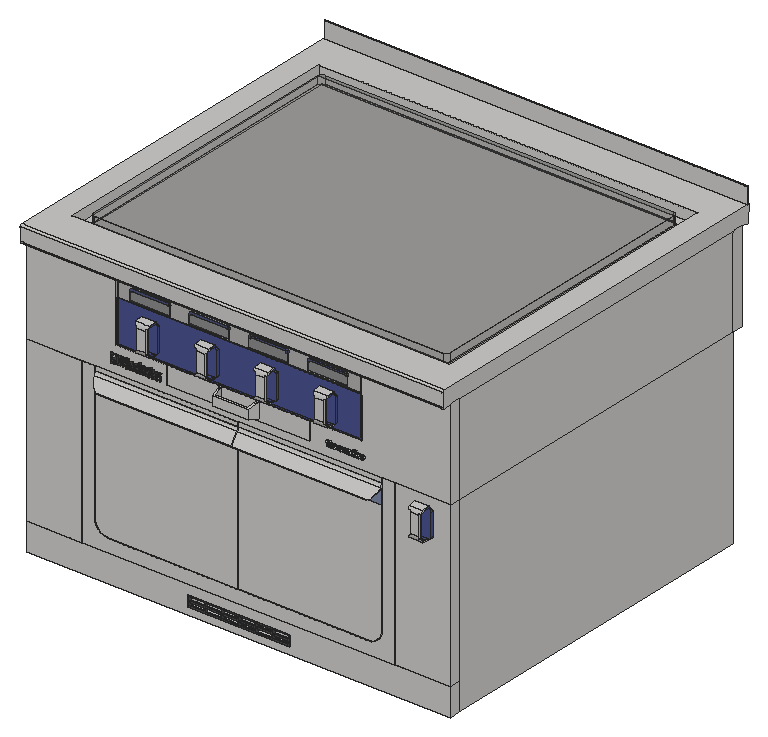
Revit family "QF_ELECTROLUXPROFESSIONAL_589696_MCLPEBJ4AO", category Attrezzature speciali, Revit 2020
Family settings
  Quota connettore circolare = Usa diametro
  Tipo di parte = Normale
  Basato su piano di lavoro = No
  Sempre verticale = Sì
  Taglio con vuoti quando caricato = No
  Condiviso = No
  Punto di calcolo locali = No
Parameters (values of type "Standard")
  Weight = 193.00 kg
  Watts = 18300 W
  Volts = 400 V
  URL Manufacturer = "https://www.electroluxprofessional.com/"
  URL = "https://www.electroluxprofessional.com/"
  Steam Supply Size = 0"
  Steam Supply Minimum Pressure = 0.00 psi
  Steam Supply Maximum Pressure = 0.00 psi
  Steam Consumption per Hour = 0
  Refrigeration Suction Line Size = 0 mm
  Refrigeration Liquid Line Size = 0 mm
  Refrigerant Compressor Remote = yes
  Prospetto di default = 0 mm
  Phase = 3
  Modello = "MCLPEBJ4AO"
  Produttore = "Electrolux Professional"
  Length Actual = 1000 mm  # constant formula
  Item Number = "589696"
  Hot Water Size = 0"
  Height Actual = 700 mm  # constant formula
  HP = "24.5 HP"
  Gas Size = 0"
  Gas KW = 0
  Gas Input Pressure = 0.0 Btu/h
  Direct Waste Size = 0"
  Descrizione = "EL.SOLID TOP,WARM.CAB.1S,BS,1000X900X7"
  Depth Actual = 900 mm  # constant formula
  Cycle = 50 Hz
  Condensate Return Size = 0"
  Compressed Air Volume = 0 GPM
  Compressed Air Size = 0"
  Compressed Air Pressure = 0.00 psi
  Cold Water Size = 0"
  Accessory = yes
Reference planes
  plane 1 "BACK": y = 0
  plane 2: z = 0
  plane 3 "LEFT": x = -100
  plane 4 "RIGHT": x = 900
  plane 5 "FRONT": y = -900
  plane 6 "TOP": z = 900
  plane 7 "Center (Left/Right)": x = 400
  plane 8: y = -450
  plane 9: z = 200
  plane 10: y = -150
  plane 11 "Panel": y = -855
  plane 12: z = 798
  plane 13: z = 1327
  plane 14: x = -22
  plane 15: x = 822
  plane 16: y = -150
  plane 17: y = -650
  plane 18 "EIx": x = 855
  plane 19 "EIy": y = -685
  plane 20: y = -880
  plane 21: z = 938
Forms (mm)
  Extrusion 1, solid, material "QF_Finishes_Stainless Steel"
    sketch origin (-178.969, -4572, 200) x (-1, 0, 0) y (0, -1, 0)
      loop
        line (-78.969, -4527) -> (-78.969, -3717) -> (-1078.969, -3717) -> (-1078.969, -4527) -> (-78.969, -4527)
    from 450 to 663
  Extrusion 2, solid, material "QF_Finishes_Stainless Steel"
    sketch origin (-100, 0, 0) x (0, 1, 0) y (0, 0, 1)
      loop
        line (-855, 200) -> (-855, 265) -> (-880, 265) -> (-880, 200) -> (-855, 200)
    from 0 to 1000
  Extrusion 3, solid, material "QF_Finishes_Stainless Steel"
    sketch origin (-488.969, -4662, 200) x (-1, 0, 0) y (0, -1, 0)
      loop
        circle (-1343.969, -3977) r 6.35
    from 0 to -11.851
  Extrusion 4, solid, material "QF_Finishes_Stainless Steel"
    sketch origin (400, 296.4, 1219.2) x (0, 1, 0) y (0, 0, 1)
      loop
        line (-296.4, -319.2) -> (-1191.4, -319.2)
        arc (-1191.4, -319.2) -> (-1194.935, -320.664) -> (-1196.4, -324.2) r 5
        line (-1196.4, -324.2) -> (-1196.4, -355.2)
        arc (-1196.4, -355.2) -> (-1194.971, -358.264) -> (-1191.705, -359.139) r 4
        line (-1191.705, -359.139) -> (-1176.4, -356.231) -> (-316.4, -356.231) -> (-301.094, -359.139)
        arc (-301.094, -359.139) -> (-297.829, -358.264) -> (-296.4, -355.2) r 4
        line (-296.4, -355.2) -> (-296.4, -319.2)
    from -500 to 500
  Extrusion 5, solid, material "QF_Finishes_Electrolux_Black Smoke Iluminated"
    sketch origin (0, 0, 900) x (-1, 0, 0) y (0, -1, 0)
      loop
        arc (12, 109) -> (19.071, 111.929) -> (22, 119) r 10
        line (22, 119) -> (22, 780)
        arc (22, 780) -> (19.071, 787.071) -> (12, 790) r 10
        line (12, 790) -> (-812, 790)
        arc (-812, 790) -> (-819.071, 787.071) -> (-822, 780) r 10
        line (-822, 780) -> (-822, 119)
        arc (-822, 119) -> (-819.071, 111.929) -> (-812, 109) r 10
        line (-812, 109) -> (12, 109)
    from 0 to -20
  Extrusion 6, solid, material "QF_Finishes_Stainless Steel"
    sketch origin (-178.969, -4572, 200) x (-1, 0, 0) y (0, -1, 0)
      loop
        line (-78.969, -4527) -> (-78.969, -3717) -> (-1078.969, -3717) -> (-1078.969, -4527) -> (-78.969, -4527)
    from 450 to 0
  Extrusion 7, void
    sketch origin (0, -855, 0) x (-1, 0, 0) y (0, 0, 1)
      loop
        line (-520, 216.594) -> (-280, 216.594) -> (-280, 241.594) -> (-520, 241.594) -> (-520, 216.594)
    from 0 to -25
  Extrusion 8, solid, material "QF_Finishes_Black"
    sketch origin (0, -855, 0) x (-1, 0, 0) y (0, 0, 1)
      loop
        line (-280, 241.594) -> (-520, 241.594) -> (-520, 216.594) -> (-280, 216.594) -> (-280, 241.594)
      loop
        line (-282, 239.594) -> (-319.131, 239.594) -> (-319.131, 230.094) -> (-282, 230.094) -> (-282, 239.594)
      loop
        line (-282, 218.594) -> (-282, 228.094) -> (-319.131, 228.094) -> (-319.131, 218.594) -> (-282, 218.594)
      loop
        line (-321.131, 239.594) -> (-359.066, 239.594) -> (-359.066, 230.094) -> (-321.131, 230.094) -> (-321.131, 239.594)
      loop
        line (-399, 239.594) -> (-399, 230.094) -> (-361.066, 230.094) -> (-361.066, 239.594) -> (-399, 239.594)
      loop
        line (-401, 239.594) -> (-438.934, 239.594) -> (-438.934, 230.094) -> (-401, 230.094) -> (-401, 239.594)
      loop
        line (-359.066, 218.594) -> (-321.131, 218.594) -> (-321.131, 228.094) -> (-359.066, 228.094) -> (-359.066, 218.594)
      loop
        line (-361.066, 218.594) -> (-361.066, 228.094) -> (-399, 228.094) -> (-399, 218.594) -> (-361.066, 218.594)
      loop
        line (-401, 228.094) -> (-438.934, 228.094) -> (-438.934, 218.594) -> (-401, 218.594) -> (-401, 228.094)
      loop
        line (-518, 239.594) -> (-518, 230.094) -> (-480.869, 230.094) -> (-480.869, 239.594) -> (-518, 239.594)
      loop
        line (-518, 218.594) -> (-480.869, 218.594) -> (-480.869, 228.094) -> (-518, 228.094) -> (-518, 218.594)
      loop
        line (-478.869, 239.594) -> (-478.869, 230.094) -> (-440.934, 230.094) -> (-440.934, 239.594) -> (-478.869, 239.594)
      loop
        line (-440.934, 218.594) -> (-440.934, 228.094) -> (-478.869, 228.094) -> (-478.869, 218.594) -> (-440.934, 218.594)
    from -25.03 to -20
  Extrusion 9, void
    sketch origin (0, 0, 900) x (-1, 0, 0) y (0, -1, 0)
      loop
        line (47, 815) -> (-847, 815) -> (-847, 84) -> (47, 84) -> (47, 815)
    from 0 to -25
  Extrusion 10, solid, material "QF_Finishes_Stainless Steel"
    sketch origin (0, 0, 900) x (-1, 0, 0) y (0, -1, 0)
      loop
        line (18, 113) -> (18, 786) -> (-818, 786) -> (-818, 113) -> (18, 113)
    from -20 to -25
  Extrusion 11, solid, material "QF_Finishes_Stainless Steel"
    sketch origin (400, 296.4, 1219.169) x (0, 1, 0) y (0, 0, 1)
      loop
        line (-341.4, -356.2) -> (-341.4, -569.2) -> (-316.4, -569.2) -> (-316.4, -356.2) -> (-341.4, -356.2)
    from -500 to 500
  Extrusion 12, solid, material "QF_Finishes_Stainless Steel"
    sketch origin (0, -900, 0) x (1, 0, 0) y (0, 0, 1)
      loop
        line (-100, 649.969) -> (-100, 265) -> (30, 265) -> (30, 649.969) -> (-100, 649.969)
      loop
        line (900, 650) -> (770, 650) -> (770, 265) -> (900, 265) -> (900, 650)
    from -45 to -20
  Extrusion 13, solid, material "QF_Finishes_Stainless Steel"
    sketch origin (0, -900, 0) x (1, 0, 0) y (0, 0, 1)
      loop
        line (32, 265) -> (768, 265) -> (768, 650) -> (740, 650) -> (740, 327)
        arc (740, 327) -> (730.627, 304.373) -> (708, 295) r 32
        line (708, 295) -> (92, 295)
        arc (92, 295) -> (69.373, 304.373) -> (60, 327) r 32
        line (60, 327) -> (60, 649.969) -> (32, 649.969) -> (32, 265)
    from -45 to -20
  Extrusion 14, solid, material "QF_Finishes_Stainless Steel"
    sketch origin (-100, 0, 0) x (0, 1, 0) y (0, 0, 1)
      loop
        line (0, 900) -> (0, 938) -> (-2, 938) -> (-2, 900) -> (0, 900)
    from 0 to 1000
Cuts and joins
  Extrusion 7 cuts Extrusion 6
  Extrusion 7 cuts Extrusion 2
  Extrusion 9 cuts Extrusion 4
Lines and regions (mm)
  symbolic lines
    curve 1: line (-100, 0, 200) -> (900, 0, 200)
    curve 2: line (-100, -900, 200) -> (-100, 0, 200)
    curve 3: line (900, -900, 200) -> (-100, -900, 200)
    curve 4: line (900, 0, 200) -> (900, -900, 200)
    curve 5: line (812, -109, 200) -> (-12, -109, 200)
    curve 6: line (-22, -119, 200) -> (-22, -780, 200)
    curve 7: line (-12, -790, 200) -> (812, -790, 200)
    curve 8: line (822, -780, 200) -> (822, -119, 200)
    curve 9: arc (-12, -109, 200) -> (-19.071, -111.929, 200) -> (-22, -119, 200) r 10
    curve 10: arc (822, -119, 200) -> (819.071, -111.929, 200) -> (812, -109, 200) r 10
    curve 11: arc (812, -790, 200) -> (819.071, -787.071, 200) -> (822, -780, 200) r 10
    curve 12: arc (-22, -780, 200) -> (-19.071, -787.071, 200) -> (-12, -790, 200) r 10
    curve 13: line (847, -84, 900) -> (-47, -84, 900)
    curve 14: line (-47, -84, 900) -> (-47, -815, 900)
    curve 15: line (847, -815, 900) -> (847, -84, 900)
    curve 16: line (-47, -815, 900) -> (847, -815, 900)
  model lines, style "SpecialityEquipment"
    curve 17: arc (634, -211, 900) -> (580.967, -339.033, 900) -> (709, -286, 900) r 75
    curve 18: line (689, -286, 900) -> (729, -286, 900)
    curve 19: line (729, -286, 900) -> (709, -266, 900)
    curve 20: line (689, -286, 900) -> (709, -266, 900)
    curve 21: arc (166, -211, 900) -> (112.967, -339.033, 900) -> (241, -286, 900) r 75
    curve 22: line (221, -286, 900) -> (261, -286, 900)
    curve 23: line (261, -286, 900) -> (241, -266, 900)
    curve 24: line (221, -286, 900) -> (241, -266, 900)
    curve 25: arc (634, -539, 900) -> (580.967, -667.033, 900) -> (709, -614, 900) r 75
    curve 26: line (689, -614, 900) -> (729, -614, 900)
    curve 27: line (729, -614, 900) -> (709, -594, 900)
    curve 28: line (689, -614, 900) -> (709, -594, 900)
    curve 29: arc (166, -539, 900) -> (112.967, -667.033, 900) -> (241, -614, 900) r 75
    curve 30: line (221, -614, 900) -> (261, -614, 900)
    curve 31: line (261, -614, 900) -> (241, -594, 900)
    curve 32: line (221, -614, 900) -> (241, -594, 900)
  symbolic lines, style "SpecialityEquipment"
    curve 33: line (-100, -2, 0) -> (900, -2, 0)
Dimensions and locks
  plane 3 "LEFT" to plane 4 "RIGHT" = 1000 mm
  plane 5 "FRONT" to plane 1 "BACK" = 900 mm
  plane 3 "LEFT" to plane 7 "Center (Left/Right)" to plane 4 "RIGHT" = 500 mm, 500 mm
  equal spacing: plane 5 "FRONT", plane 8, plane 1 "BACK"
  plane 6 "TOP" to level = 900 mm  (x2)
  plane 9 to level = 200 mm
  plane 1 "BACK" to plane 10 to plane 11 "Panel" = 150 mm, 705 mm  (x2)
  plane 6 "TOP" to plane 9 to level = 700 mm, 200 mm
  plane 1 "BACK" to plane 5 "FRONT" = 900 mm
  plane 1 "BACK" to Extrusion 3 = 685 mm
  plane 12 to plane 9 = 598 mm
  plane 13 to plane 6 "TOP" = 427 mm
  plane 6 "TOP" to plane 12 = 102 mm
  plane 14 to plane 3 "LEFT" = 78 mm
  plane 15 to plane 4 "RIGHT" = 78 mm
  locked: plane 1 "BACK" to plane 16 at 150
  locked: plane 16 to plane 17 at 500
  plane 11 "Panel" to plane 5 "FRONT" = 45 mm
  plane 18 "EIx" to plane 4 "RIGHT" = 45 mm
  plane 19 "EIy" to plane 1 "BACK" = 685 mm
  locked: plane 11 "Panel" to plane 20 at 25
  plane 21 to plane 6 "TOP" = 38 mm
  aligned and locked: level to plane 2
  aligned and locked: Extrusion 2 to plane 4 "RIGHT"
  aligned and locked: cut or joined group of Extrusion 4, Extrusion 9 to plane 3 "LEFT"
  aligned and locked: cut or joined group of Extrusion 4, Extrusion 9 to plane 4 "RIGHT"
  aligned and locked: cut or joined group of Extrusion 6, Extrusion 7 to plane 4 "RIGHT"
  aligned and locked: cut or joined group of Extrusion 6, Extrusion 7 to plane 3 "LEFT"
  aligned and locked: nested 2 to plane 11 "Panel"
  aligned and locked: Extrusion 1 to plane 11 "Panel"
  aligned and locked: plane 11 "Panel" to cut or joined group of Extrusion 2, Extrusion 7
  aligned and locked: nested 1 to plane 20
  aligned and locked: Extrusion 11 to plane 4 "RIGHT"
  aligned and locked: Extrusion 1 to plane 3 "LEFT"
  aligned and locked: Extrusion 11 to plane 3 "LEFT"
  aligned and locked: Extrusion 1 to plane 4 "RIGHT"
  aligned and locked: plane 7 "Center (Left/Right)" to nested 3
  aligned and locked: cut or joined group of Extrusion 6, Extrusion 7 to nested 3
  aligned and locked: Extrusion 12 to nested 2
  aligned and locked: plane 20 to Extrusion 12
  aligned and locked: plane 11 "Panel" to Extrusion 13
  aligned and locked: plane 20 to Extrusion 13
Automatic sketch dimensions
  curve 33 to plane 3 "LEFT" = 0 mm
  curve 33 to plane 4 "RIGHT" = 0 mm
  plane 1 "BACK" to curve 33 = 2 mm
  Extrusion 1 sketch curve to plane 4 "RIGHT" = 0 mm
  Extrusion 1 sketch curve to plane 3 "LEFT" = 0 mm
  Extrusion 1 sketch curve to plane 11 "Panel" = 0 mm
  plane 1 "BACK" to Extrusion 1 sketch curve = 45 mm
  Extrusion 2 sketch curve to plane 9 = 0 mm
  Extrusion 2 sketch curve to plane 20 = 0 mm
  Extrusion 2 sketch curve to plane 11 "Panel" = 0 mm
  plane 9 to Extrusion 2 sketch curve = 65 mm
  plane 1 "BACK" to curve 1 = 0 mm
  curve 1 to plane 4 "RIGHT" = 0 mm
  curve 8 to plane 15 = 0 mm
  curve 6 to plane 14 = 0 mm
  curve 2 to plane 3 "LEFT" = 0 mm
  plane 5 "FRONT" to curve 3 = 0 mm
  plane 15 to curve 5 = 10 mm
  plane 15 to curve 11 = 10 mm
  curve 5 to plane 14 = 10 mm
  curve 12 to curve 12 = 10 mm
  plane 10 to curve 5 = 41 mm
  plane 11 "Panel" to curve 11 = 75 mm
  Extrusion 3 sketch curve to plane 18 "EIx" = 0 mm
  Extrusion 3 sketch curve to plane 19 "EIy" = 0 mm
  Extrusion 4 sketch curve to plane 5 "FRONT" = 0 mm
  Extrusion 4 sketch curve to plane 6 "TOP" = 0 mm
  Extrusion 4 sketch curve to plane 20 = 0 mm
  Extrusion 4 sketch curve to plane 1 "BACK" = 0 mm
  Extrusion 4 sketch curve to Extrusion 4 sketch curve = 4 mm
  Extrusion 4 sketch curve to Extrusion 4 sketch curve = 0.695 mm
  Extrusion 4 sketch curve to plane 5 "FRONT" = 5 mm
  plane 1 "BACK" to Extrusion 4 sketch curve = 20 mm
  plane 1 "BACK" to Extrusion 4 sketch curve = 4.695 mm
  plane 1 "BACK" to Extrusion 4 sketch curve = 4 mm
  Extrusion 4 sketch curve to Extrusion 4 sketch curve = 31 mm
  Extrusion 4 sketch curve to Extrusion 4 sketch curve = 36 mm
  Extrusion 4 sketch curve to Extrusion 4 sketch curve = 2.909 mm
  Extrusion 5 sketch curve to plane 15 = 0 mm
  Extrusion 5 sketch curve to plane 14 = 0 mm
  plane 15 to Extrusion 5 sketch curve = 10 mm  (x2)
  Extrusion 5 sketch curve to Extrusion 5 sketch curve = 10 mm  (x2)
  plane 10 to Extrusion 5 sketch curve = 41 mm
  plane 11 "Panel" to Extrusion 5 sketch curve = 75 mm
  Extrusion 6 sketch curve to plane 4 "RIGHT" = 0 mm
  Extrusion 6 sketch curve to plane 3 "LEFT" = 0 mm
  Extrusion 6 sketch curve to plane 11 "Panel" = 0 mm
  plane 1 "BACK" to Extrusion 6 sketch curve = 45 mm
  plane 9 to Extrusion 7 sketch curve = 41.594 mm
  plane 7 "Center (Left/Right)" to Extrusion 7 sketch curve = 120 mm
  Extrusion 7 sketch curve to plane 7 "Center (Left/Right)" = 120 mm
  plane 9 to Extrusion 7 sketch curve = 16.594 mm
  plane 9 to Extrusion 8 sketch curve = 41.594 mm
  plane 7 "Center (Left/Right)" to Extrusion 8 sketch curve = 120 mm
  Extrusion 8 sketch curve to Extrusion 8 sketch curve = 2 mm  (x15)
  Extrusion 8 sketch curve to Extrusion 8 sketch curve = 0 mm  (x16)
  Extrusion 8 sketch curve to Extrusion 8 sketch curve = 37.131 mm  (x2)
  Extrusion 8 sketch curve to Extrusion 8 sketch curve = 37.934 mm  (x3)
  plane 7 "Center (Left/Right)" to Extrusion 8 sketch curve = 1 mm  (x2)
  Extrusion 8 sketch curve to plane 7 "Center (Left/Right)" = 1 mm  (x2)
  plane 9 to Extrusion 8 sketch curve = 18.594 mm  (x4)
  Extrusion 8 sketch curve to Extrusion 8 sketch curve = 9.5 mm  (x6)
  plane 18 "EIx" to Extrusion 9 sketch curve = 8 mm
  plane 14 to Extrusion 9 sketch curve = 25 mm
  plane 10 to Extrusion 9 sketch curve = 66 mm
  plane 11 "Panel" to Extrusion 9 sketch curve = 40 mm
  plane 15 to Extrusion 10 sketch curve = 4 mm
  Extrusion 10 sketch curve to plane 14 = 4 mm
  plane 10 to Extrusion 10 sketch curve = 37 mm
  plane 11 "Panel" to Extrusion 10 sketch curve = 69 mm
  plane 18 "EIx" to curve 16 = 8 mm
  plane 15 to curve 19 = 93 mm
  curve 27 to plane 17 = 36 mm
  plane 15 to curve 27 = 93 mm
  curve 26 to curve 27 = 20 mm
  curve 18 to curve 20 = 20 mm
  curve 19 to curve 20 = 20 mm
  curve 28 to curve 26 = 20 mm
  curve 18 to curve 17 = 55 mm
  curve 26 to curve 25 = 55 mm
  curve 31 to plane 17 = 36 mm
  curve 31 to plane 7 "Center (Left/Right)" = 139 mm
  curve 23 to plane 7 "Center (Left/Right)" = 139 mm
  curve 22 to curve 24 = 20 mm
  curve 30 to curve 31 = 20 mm
  curve 32 to curve 32 = 20 mm
  curve 23 to curve 24 = 20 mm
  curve 22 to curve 21 = 55 mm
  curve 30 to curve 29 = 55 mm
  plane 14 to curve 14 = 25 mm
  curve 22 to plane 10 = 136 mm
  curve 18 to plane 10 = 136 mm
  plane 10 to curve 13 = 66 mm
  plane 11 "Panel" to curve 15 = 40 mm
  curve 25 to curve 26 = 20 mm
  curve 17 to curve 18 = 20 mm
  curve 29 to curve 30 = 20 mm
  curve 21 to curve 22 = 20 mm
  plane 1 "BACK" to Extrusion 11 sketch curve = 45 mm
  plane 1 "BACK" to Extrusion 11 sketch curve = 20 mm
  Extrusion 11 sketch curve to plane 12 = 148.031 mm
  Extrusion 11 sketch curve to plane 6 "TOP" = 37.031 mm
  Extrusion 12 sketch curve to plane 3 "LEFT" = 0 mm
  plane 4 "RIGHT" to Extrusion 12 sketch curve = 0 mm
  Extrusion 12 sketch curve to plane 14 = 52 mm
  plane 15 to Extrusion 12 sketch curve = 52 mm
  plane 9 to Extrusion 12 sketch curve = 65 mm  (x2)
  Extrusion 12 sketch curve to plane 12 = 148.031 mm
  Extrusion 12 sketch curve to plane 12 = 148 mm
  Extrusion 13 sketch curve to plane 14 = 54 mm
  Extrusion 13 sketch curve to Extrusion 13 sketch curve = 28 mm
  Extrusion 13 sketch curve to Extrusion 13 sketch curve = 32 mm  (x2)
  plane 15 to Extrusion 13 sketch curve = 114 mm
  plane 15 to Extrusion 13 sketch curve = 54 mm
  plane 9 to Extrusion 13 sketch curve = 65 mm
  Extrusion 13 sketch curve to Extrusion 13 sketch curve = 30 mm
  Extrusion 13 sketch curve to plane 12 = 148.031 mm
  Extrusion 13 sketch curve to plane 12 = 148 mm
  Extrusion 14 sketch curve to plane 6 "TOP" = 0 mm
  Extrusion 14 sketch curve to plane 21 = 0 mm
  Extrusion 14 sketch curve to plane 1 "BACK" = 0 mm
  Extrusion 14 sketch curve to Extrusion 14 sketch curve = 2 mm
  radius of Extrusion 3 sketch curve = 6.35 mm
Nested families
  nested 1: "FIT Range Control Handle" at (835, -883.137, -372.751), type "FIT Range Control Handle"
  nested 2: "Front_Panel_W1000_Four Knobs" at (102.376, -855, 0), type "Front_Panel_W1000_Four Knobs"
  nested 3: "H450H2W1000_2DOOR" at (363.958, -855, 200) x (1, 0, 0) z (0, -1, 0), type "H450H2W1000_2DOOR"
    with Width 680 mm, Wdoor 340 mm, Show Clearance yes
  nested 4: "Warm" at (900, -900, 0), type "Warm"
Connectors
  electrical at (855, -685, 188.149)
    settings: on Extrusion 3, index 1, voltage 400 V, apparent load 33000 VA, apparent load phase1 0 VA, apparent load phase2 0 VA, apparent load phase3 0 VA, power factor 1, load classification "Other", number of poles 1, system type 30, power factor state 1, is connector primary yes, connector utility no, sub classification motor no, connector description "ELECTRICAL CONNECTION"
Definition of nested family "FIT Range Control Handle"
  Parameters
    Default Elevation = 0 mm
  Reference planes
    plane 1 "Center (Front/Back)": y = 0
    plane 2: z = 0
    plane 3 "Center (Left/Right)": x = 0
    plane 4: z = 971.092
    plane 5: y = -16.8
  Forms (mm)
    Extrusion 1, solid
      sketch origin (-746.28, 380.497, 208.931) x (-1, 0, 0) y (0, 0, 1)
        loop
          line (-770.101, 786.798) -> (-770.101, 731.649)
          arc (-770.101, 731.649) -> (-769.759, 730.563) -> (-768.855, 729.87) r 1.893
          line (-768.855, 729.87) -> (-763.474, 727.911) -> (-729.81, 727.911) -> (-724.428, 729.87)
          arc (-724.428, 729.87) -> (-723.525, 730.563) -> (-723.183, 731.649) r 1.893
          line (-723.183, 731.649) -> (-723.183, 786.798)
          arc (-723.183, 786.798) -> (-723.529, 787.894) -> (-724.44, 788.593) r 1.91
          line (-724.44, 788.593) -> (-729.683, 790.819) -> (-763.601, 790.819) -> (-768.844, 788.593)
          arc (-768.844, 788.593) -> (-769.755, 787.894) -> (-770.101, 786.798) r 1.91
      from -382.35 to -378.852
    Sweep 2, solid
      path origin (-746.788, 380.496, 208.091) x (0, -1, 0) y (0, 0, 1)
        loop
          line (379.775, 793.281) -> (395.661, 791.048)
          arc (395.661, 791.048) -> (397.781, 787.377) -> (398.517, 783.202) r 12.207
          line (398.517, 783.202) -> (398.517, 737.368)
          arc (398.517, 737.368) -> (397.781, 733.193) -> (395.661, 729.522) r 12.207
          line (395.661, 729.522) -> (379.775, 727.289)
      profile origin (-746.788, -7.222, 1000.256) x (0, -0.139173, 0.990268) y (-1, 0, 0)
        loop
          line (0.782, -763.123) -> (0.782, -730.907) -> (-1.322, -730.907) -> (-1.322, -763.123) -> (0.782, -763.123)
    Sweep 3, solid
      path origin (-746.788, 380.715, 207.832) x (0, -1, 0) y (0, 0, 1)
        loop
          line (380.478, 795.442) -> (397.218, 793.09)
          arc (397.218, 793.09) -> (399.929, 788.473) -> (400.871, 783.202) r 15.207
          line (400.871, 783.202) -> (400.871, 737.584)
          arc (400.871, 737.584) -> (399.914, 732.274) -> (397.164, 727.633) r 15.207
          line (397.164, 727.633) -> (380.601, 725.305)
      profile origin (-746.788, -8.132, 1002.099) x (0, -0.139173, 0.990268) y (-1, 0, 0)
        loop
          line (0.782, -763.123) -> (0.782, -730.907) -> (-1.322, -730.907) -> (-1.322, -763.123) -> (0.782, -763.123)
    Extrusion 4, void
      sketch origin (889.253, 220.666, 207.993) x (1, 0, 0) y (0, 0, 1)
        loop
          line (-943.038, 816.854) -> (-943.038, 703.686) -> (-899.466, 734.196) -> (-899.466, 786.344) -> (-943.038, 816.854)
      from 230.636 to 242.25
    Extrusion 5, void
      sketch origin (-888.8, 220.666, 207.993) x (-1, 0, 0) y (0, 0, -1)
        loop
          line (-943.038, -816.854) -> (-899.466, -786.344) -> (-899.466, -734.196) -> (-943.038, -703.686) -> (-943.038, -816.854)
      from 230.636 to 242.25
    Extrusion 6, solid
      sketch origin (0, 0, 0) x (1, 0, 0) y (0, 0, 1)
        loop
          circle (0, 971.092) r 7.736
      from -3.137 to -1.645
  Cuts and joins
    Extrusion 4, Extrusion 5 cuts Sweep 3
    Extrusion 4, Extrusion 5 cuts Sweep 2
    joined: Extrusion 1, Extrusion 6
  Lines and regions (mm)
    symbolic lines
      curve 1: line (-15.881, -19.189, 0) -> (-15.881, -16.8, 0)
      curve 2: line (16.334, -19.189, 0) -> (16.334, -16.8, 0)
      curve 3: spline (-15.881, -19.189, 0) -> (-15.417, -19.349, 0) -> (-14.951, -19.501, 0) -> (-14.483, -19.646, 0) -> (-14.014, -19.783, 0) -> (-13.543, -19.912, 0) -> (-13.071, -20.033, 0) -> (-12.597, -20.146, 0) -> (-12.122, -20.251, 0) -> (-11.646, -20.349, 0) -> (-11.169, -20.438, 0) -> (-10.691, -20.52, 0) -> (-10.213, -20.593, 0)
      curve 4: spline (10.666, -20.593, 0) -> (11.144, -20.52, 0) -> (11.622, -20.438, 0) -> (12.099, -20.349, 0) -> (12.575, -20.251, 0) -> (13.05, -20.146, 0) -> (13.524, -20.033, 0) -> (13.996, -19.912, 0) -> (14.467, -19.783, 0) -> (14.936, -19.646, 0) -> (15.404, -19.501, 0) -> (15.87, -19.349, 0) -> (16.334, -19.189, 0)
      curve 5: line (-10.213, -20.938, 0) -> (10.716, -20.938, 0)
  Dimensions and locks
    cut or joined group of Sweep 3, Extrusion 4, Extrusion 5 to cut or joined group of Sweep 3, Extrusion 4, Extrusion 5 = 71.686 mm
Definition of nested family "Front_Panel_W1000_Four Knobs"
  Parameters
    Default Elevation = 0 mm
  Reference planes
    plane 1 "Center (Front/Back)": y = 0
    plane 2: z = 0
    plane 3 "Center (Left/Right)": x = 297.624
    plane 4 "Left": x = -202.376
    plane 5 "Right": x = 797.624
    plane 6: y = -45
    plane 7: x = 87.624
    plane 8: x = 227.624
    plane 9: y = -310
    plane 10: y = -25
    plane 11: x = -2.376
    plane 12: x = 367.624
    plane 13: x = 507.624
    plane 14: x = 594.715
  Forms (mm)
    Extrusion 1, solid
      sketch origin (833.217, 829.203, -1.25) x (0, 1, 0) y (0, 0, 1)
        loop
          line (-854.203, 651.25) -> (-829.203, 651.25) -> (-829.203, 864.25) -> (-854.203, 864.25) -> (-854.203, 651.25)
      from -1035.593 to -35.593
    Extrusion 2, void
      sketch origin (0, 0, 0) x (1, 0, 0) y (0, 0, 1)
        loop
          line (7.624, 853.866) -> (7.624, 711.866) -> (587.624, 711.866) -> (587.624, 853.866) -> (7.624, 853.866)
      from 19.387 to 33.951
    Extrusion 3, void
      sketch origin (0, 0, 0) x (1, 0, 0) y (0, 0, 1)
        loop
          line (128.624, 711.866) -> (128.624, 668.866) -> (466.624, 668.866) -> (466.624, 711.866) -> (128.624, 711.866)
      from 19.387 to 25
    Extrusion 4, solid
      sketch origin (150, 0, 1) x (1, 0, 0) y (0, 0, 1)
        loop
          line (-21.376, 710.866) -> (-21.376, 667.866) -> (316.624, 667.866) -> (316.624, 710.866) -> (-21.376, 710.866)
      from 19.387 to 25
    Extrusion 5, solid
      sketch origin (150, 0, 1) x (1, 0, 0) y (0, 1, 0)
        loop
          line (106.059, -25) -> (100.966, -25) -> (105.646, -49.075) -> (189.603, -49.075) -> (194.283, -25) -> (189.189, -25) -> (185.481, -44.075) -> (109.767, -44.075) -> (106.059, -25)
      from 672.593 to 705.67
    Extrusion 6, void
      sketch origin (297.624, 0, 1) x (0, 1, 0) y (0, 0, 1)
        loop
          line (-30, 705.67) -> (-30, 710.67) -> (-56.744, 710.67) -> (-56.744, 667.593) -> (-30, 667.593) -> (-30, 672.593) -> (-53.776, 680.318) -> (-53.776, 697.945) -> (-30, 705.67)
      from -50 to 50
    Extrusion 7, solid, detail levels coarse
      sketch origin (150, -265, 1) x (1, 0, 0) y (0, 1, 0)
        loop
          line (106.164, -71.744) -> (189.084, -71.744) -> (194.283, -45) -> (316.624, -45) -> (316.624, 240) -> (-21.376, 240) -> (-21.376, -45) -> (100.966, -45) -> (106.164, -71.744)
      from 672.593 to 705.67
    Extrusion 8, void
      sketch origin (297.624, -280, 1) x (0, 1, 0) y (0, 0, 1)
        loop
          line (-30, 705.67) -> (-30, 710.67) -> (-56.744, 710.67) -> (-56.744, 667.593) -> (-30, 667.593) -> (-30, 672.593) -> (-53.776, 680.318) -> (-53.776, 697.945) -> (-30, 705.67)
      from -50 to 50
  Cuts and joins
    Extrusion 2, Extrusion 3 cuts Extrusion 1
    Extrusion 6 cuts Extrusion 5
    Extrusion 6, Extrusion 8 cuts Extrusion 7
  Lines and regions (mm)
    symbolic lines
      curve 1: line (128.624, -45, 0) -> (128.624, -310, 0)
      curve 2: line (128.624, -310, 0) -> (466.624, -310, 0)
      curve 3: line (466.624, -310, 0) -> (466.624, -45, 0)
      curve 4: line (128.624, -300, 0) -> (466.624, -300, 0)
      curve 5: line (250.908, -309.701, 0) -> (255.587, -333.776, 0)
      curve 6: line (255.587, -333.776, 0) -> (339.545, -333.776, 0)
      curve 7: line (339.545, -333.776, 0) -> (344.225, -309.701, 0)
      curve 8: line (256.001, -309.701, 0) -> (259.709, -328.776, 0)
      curve 9: line (259.709, -328.776, 0) -> (335.423, -328.776, 0)
      curve 10: line (335.423, -328.776, 0) -> (339.131, -309.701, 0)
  Dimensions and locks
    equal spacing: plane 5 "Right", plane 3 "Center (Left/Right)", plane 4 "Left"
    plane 5 "Right" to plane 4 "Left" = 1000 mm
    plane 3 "Center (Left/Right)" to plane 7 = 210 mm
    plane 3 "Center (Left/Right)" to plane 8 = 70 mm
    plane 6 to plane 9 = 265 mm
    plane 13 to plane 3 "Center (Left/Right)" = 210 mm
    plane 12 to plane 3 "Center (Left/Right)" = 70 mm
    aligned and locked: cut or joined group of Extrusion 1, Extrusion 2, Extrusion 3 to plane 4 "Left"
    aligned and locked: plane 5 "Right" to cut or joined group of Extrusion 1, Extrusion 2, Extrusion 3
    aligned and locked: plane 3 "Center (Left/Right)" to nested 2
    aligned and locked: cut or joined group of Extrusion 1, Extrusion 2, Extrusion 3 to nested 2
  Automatic sketch dimensions
    plane 7 to Extrusion 3 sketch curve = 41 mm
    plane 3 "Center (Left/Right)" to Extrusion 3 sketch curve = 169 mm
    level to Extrusion 3 sketch curve = 668.866 mm
    Extrusion 3 sketch curve to Extrusion 3 sketch curve = 43 mm
    Extrusion 1 sketch curve to plane 1 "Center (Front/Back)" = 0 mm
    level to Extrusion 1 sketch curve = 650 mm
    plane 4 "Left" to Extrusion 2 sketch curve = 210 mm
    Extrusion 2 sketch curve to plane 5 "Right" = 210 mm
    level to Extrusion 2 sketch curve = 711.866 mm
    Extrusion 2 sketch curve to Extrusion 2 sketch curve = 142 mm
    plane 6 to curve 1 = 0 mm
    plane 6 to curve 3 = 0 mm
    plane 9 to curve 1 = 0 mm
    plane 7 to curve 1 = 41 mm
    curve 1 to curve 4 = 10 mm
    Extrusion 1 sketch curve to plane 6 = 20 mm
    Extrusion 1 sketch curve to Extrusion 1 sketch curve = 213 mm
    plane 7 to Extrusion 4 sketch curve = 41 mm
    Extrusion 4 sketch curve to plane 13 = 41 mm
    level to Extrusion 4 sketch curve = 668.866 mm
    Extrusion 4 sketch curve to Extrusion 4 sketch curve = 43 mm
    plane 10 to Extrusion 5 sketch curve = 0 mm  (x2)
    plane 8 to Extrusion 5 sketch curve = 23.342 mm
    plane 6 to Extrusion 5 sketch curve = 4.075 mm
    Extrusion 5 sketch curve to Extrusion 5 sketch curve = 4.68 mm
    Extrusion 5 sketch curve to Extrusion 5 sketch curve = 5.094 mm  (x2)
    Extrusion 5 sketch curve to plane 6 = 0.925 mm
    Extrusion 5 sketch curve to Extrusion 5 sketch curve = 4.122 mm  (x2)
    Extrusion 5 sketch curve to plane 12 = 32.143 mm
    Extrusion 5 sketch curve to Extrusion 5 sketch curve = 3.708 mm
    plane 6 to Extrusion 6 sketch curve = 11.744 mm
    plane 6 to Extrusion 6 sketch curve = 8.776 mm
    plane 10 to Extrusion 6 sketch curve = 5 mm  (x2)
    level to Extrusion 6 sketch curve = 668.593 mm
    Extrusion 6 sketch curve to Extrusion 6 sketch curve = 5 mm
    Extrusion 6 sketch curve to Extrusion 6 sketch curve = 12.725 mm  (x2)
    Extrusion 6 sketch curve to Extrusion 6 sketch curve = 17.627 mm
    Extrusion 6 sketch curve to Extrusion 6 sketch curve = 7.725 mm
    plane 10 to Extrusion 7 sketch curve = 0 mm
    Extrusion 7 sketch curve to plane 9 = 0 mm  (x2)
    plane 7 to Extrusion 7 sketch curve = 41 mm
    plane 8 to Extrusion 7 sketch curve = 23.342 mm
    Extrusion 7 sketch curve to Extrusion 7 sketch curve = 5.199 mm
    Extrusion 7 sketch curve to plane 12 = 28.54 mm
    Extrusion 7 sketch curve to plane 12 = 23.342 mm
    Extrusion 7 sketch curve to plane 13 = 41 mm
    Extrusion 7 sketch curve to plane 9 = 26.744 mm
    Extrusion 8 sketch curve to plane 9 = 0 mm  (x2)
    Extrusion 8 sketch curve to plane 9 = 23.776 mm
    Extrusion 8 sketch curve to Extrusion 8 sketch curve = 2.968 mm
    level to Extrusion 8 sketch curve = 668.593 mm
    Extrusion 8 sketch curve to Extrusion 8 sketch curve = 5 mm
    Extrusion 8 sketch curve to Extrusion 8 sketch curve = 12.725 mm  (x2)
    Extrusion 8 sketch curve to Extrusion 8 sketch curve = 17.627 mm
    Extrusion 8 sketch curve to Extrusion 8 sketch curve = 7.725 mm
    curve 3 to plane 13 = 41 mm
    plane 9 to curve 5 = 0.299 mm
    plane 8 to curve 5 = 23.283 mm
    curve 5 to curve 5 = 4.68 mm
    plane 9 to curve 8 = 0.299 mm
    curve 5 to curve 8 = 5.094 mm
    curve 5 to curve 9 = 4.122 mm
    curve 9 to plane 12 = 32.201 mm
    plane 9 to curve 10 = 0.299 mm
    curve 9 to curve 10 = 3.708 mm
    curve 9 to curve 7 = 4.122 mm
    plane 9 to curve 7 = 0.299 mm
    curve 10 to curve 7 = 5.094 mm
    curve 9 to plane 9 = 18.776 mm
    curve 6 to curve 8 = 5 mm
  Nested families
    nested 1: "Range Control Handle" at (87.624, -28.137, -209.113) x (-1, 0, 0) z (0, 0, 1), type "Range Control Handle"
    nested 2: "Front glass control panel W1000" at (297.624, 280.644, 2.752), type "Front glass control panel W1000"
    nested 3: "Range Control Handle" at (227.624, -28.137, -209.113) x (-1, 0, 0) z (0, 0, 1), type "Range Control Handle"
    nested 4: "Range Control Handle" at (367.624, -28.137, -209.113), type "Range Control Handle"
    nested 5: "Range Control Handle" at (507.624, -28.137, -209.113), type "Range Control Handle"
    nested 6: "ELX_ThermaLine_Small" at (546.122, -25, 679.426) x (1, 0, 0) z (0, -1, 0), type "ELX_ThermaLine_Small"
      with Show Logo yes, Material_Logo none
    nested 7: "ELX_Professional_Logo_Small" at (57.11, -25, 681.659) x (1, 0, 0) z (0, -1, 0), type "ELX_Professional_Logo_Small"
      with Show Logo yes, Material_Logo none
  Definition of nested family "Range Control Handle"
    Parameters
      Default Elevation = 0 mm
    Reference planes
      plane 1 "Center (Front/Back)": y = 0
      plane 2: z = 0
      plane 3 "Center (Left/Right)": x = 0
      plane 4: z = 971.092
      plane 5: y = -16.9
    Forms (mm)
      Extrusion 1, solid
        sketch origin (-746.28, 380.497, 208.931) x (-1, 0, 0) y (0, 0, 1)
          loop
            line (-770.101, 786.798) -> (-770.101, 731.649)
            arc (-770.101, 731.649) -> (-769.759, 730.563) -> (-768.855, 729.87) r 1.893
            line (-768.855, 729.87) -> (-763.474, 727.911) -> (-729.81, 727.911) -> (-724.428, 729.87)
            arc (-724.428, 729.87) -> (-723.525, 730.563) -> (-723.183, 731.649) r 1.893
            line (-723.183, 731.649) -> (-723.183, 786.798)
            arc (-723.183, 786.798) -> (-723.529, 787.894) -> (-724.44, 788.593) r 1.91
            line (-724.44, 788.593) -> (-729.683, 790.819) -> (-763.601, 790.819) -> (-768.844, 788.593)
            arc (-768.844, 788.593) -> (-769.755, 787.894) -> (-770.101, 786.798) r 1.91
        from -382.35 to -378.852
      Sweep 2, solid
        path origin (-746.788, 380.496, 208.091) x (0, -1, 0) y (0, 0, 1)
          loop
            line (379.775, 793.281) -> (395.661, 791.048)
            arc (395.661, 791.048) -> (397.781, 787.377) -> (398.517, 783.202) r 12.207
            line (398.517, 783.202) -> (398.517, 737.368)
            arc (398.517, 737.368) -> (397.781, 733.193) -> (395.661, 729.522) r 12.207
            line (395.661, 729.522) -> (379.775, 727.289)
        profile origin (-746.788, -7.222, 1000.256) x (0, -0.139173, 0.990268) y (-1, 0, 0)
          loop
            line (0.782, -763.123) -> (0.782, -730.907) -> (-1.322, -730.907) -> (-1.322, -763.123) -> (0.782, -763.123)
      Sweep 3, solid
        path origin (-746.788, 380.715, 207.832) x (0, -1, 0) y (0, 0, 1)
          loop
            line (380.478, 795.442) -> (397.218, 793.09)
            arc (397.218, 793.09) -> (399.929, 788.473) -> (400.871, 783.202) r 15.207
            line (400.871, 783.202) -> (400.871, 737.584)
            arc (400.871, 737.584) -> (399.914, 732.274) -> (397.164, 727.633) r 15.207
            line (397.164, 727.633) -> (380.601, 725.305)
        profile origin (-746.788, -8.132, 1002.099) x (0, -0.139173, 0.990268) y (-1, 0, 0)
          loop
            line (0.782, -763.123) -> (0.782, -730.907) -> (-1.322, -730.907) -> (-1.322, -763.123) -> (0.782, -763.123)
      Extrusion 4, void
        sketch origin (889.253, 220.666, 207.993) x (1, 0, 0) y (0, 0, 1)
          loop
            line (-943.038, 816.854) -> (-943.038, 703.686) -> (-899.466, 734.196) -> (-899.466, 786.344) -> (-943.038, 816.854)
        from 230.636 to 242.25
      Extrusion 5, void
        sketch origin (-888.8, 220.666, 207.993) x (-1, 0, 0) y (0, 0, -1)
          loop
            line (-943.038, -816.854) -> (-899.466, -786.344) -> (-899.466, -734.196) -> (-943.038, -703.686) -> (-943.038, -816.854)
        from 230.636 to 242.25
      Extrusion 6, solid
        sketch origin (0, 0, 0) x (1, 0, 0) y (0, 0, 1)
          loop
            circle (0, 971.092) r 7.736
        from -3.137 to -1.645
    Cuts and joins
      Extrusion 4, Extrusion 5 cuts Sweep 3
      Extrusion 4, Extrusion 5 cuts Sweep 2
      joined: Extrusion 1, Extrusion 6
    Lines and regions (mm)
      symbolic lines
        curve 1: line (16.334, -16.9, 0) -> (16.334, -19.227, 0)
        curve 2: spline (16.334, -19.227, 0) -> (15.87, -19.385, 0) -> (15.404, -19.536, 0) -> (14.936, -19.678, 0) -> (14.466, -19.813, 0) -> (13.995, -19.94, 0) -> (13.523, -20.059, 0) -> (13.049, -20.171, 0) -> (12.575, -20.274, 0) -> (12.099, -20.37, 0) -> (11.622, -20.458, 0) -> (11.144, -20.537, 0) -> (10.666, -20.609, 0)
        curve 3: line (10.666, -16.9, 0) -> (10.666, -20.938, 0)
        curve 4: line (-10.213, -20.938, 0) -> (10.666, -20.938, 0)
        curve 5: line (-10.213, -20.938, 0) -> (-10.213, -16.9, 0)
        curve 6: spline (-10.213, -20.609, 0) -> (-10.691, -20.537, 0) -> (-11.169, -20.458, 0) -> (-11.646, -20.37, 0) -> (-12.122, -20.274, 0) -> (-12.597, -20.171, 0) -> (-13.07, -20.059, 0) -> (-13.542, -19.94, 0) -> (-14.013, -19.813, 0) -> (-14.483, -19.678, 0) -> (-14.951, -19.536, 0) -> (-15.417, -19.385, 0) -> (-15.881, -19.227, 0)
        curve 7: line (-15.881, -19.227, 0) -> (-15.881, -16.9, 0)
  Definition of nested family "Front glass control panel W1000"
    Parameters
      Default Elevation = 0 mm
    Reference planes
      plane 1 "Center (Front/Back)": y = 0
      plane 2: z = 0
      plane 3 "Center (Left/Right)": x = 0
    Forms (mm)
      Extrusion 1, solid
        sketch origin (378.286, 0, 0.617) x (1, 0, 0) y (0, 0, 1)
          loop
            line (-668.286, 806.791) -> (-668.286, 708.497) -> (-88.286, 708.497) -> (-88.286, 806.791) -> (-668.286, 806.791)
        from 300.031 to 304.8
      Extrusion 2, solid
        sketch origin (378.286, 0, 0.617) x (1, 0, 0) y (0, 0, 1)
          loop
            line (-668.286, 850.497) -> (-668.286, 806.791) -> (-88.286, 806.791) -> (-88.286, 850.497) -> (-668.286, 850.497)
        from 300.031 to 304.8
      Extrusion 3, void
        sketch origin (378.286, 0, 0.617) x (1, 0, 0) y (0, 0, 1)
          loop
            line (-665.628, 847.565) -> (-665.628, 710.699) -> (-91.196, 710.699) -> (-91.196, 847.565) -> (-665.628, 847.565)
        from 303.697 to 304.8
      Extrusion 4, solid
        sketch origin (-378.333, 1.101, -0.633) x (-1, 0, 0) y (0, 0, -1)
          loop
            line (-261.431, -812.62) -> (-355.186, -812.62) -> (-355.186, -834.177) -> (-350.269, -834.177) -> (-348.469, -835.977) -> (-268.039, -835.977) -> (-266.24, -834.177) -> (-261.431, -834.177) -> (-261.431, -812.62)
        from 304.798 to 306.745
      Extrusion 5, solid
        sketch origin (-378.333, 1.101, -0.633) x (-1, 0, 0) y (0, 0, -1)
          loop
            line (-350.269, -834.177) -> (-355.078, -834.177)
            arc (-355.078, -834.177) -> (-353.942, -838.747) -> (-349.686, -840.763) r 5.5
            line (-349.686, -840.763) -> (-266.98, -840.763)
            arc (-266.98, -840.763) -> (-262.706, -838.752) -> (-261.529, -834.177) r 5.549
            line (-261.529, -834.177) -> (-266.24, -834.177) -> (-268.039, -835.977) -> (-348.469, -835.977) -> (-350.269, -834.177)
        from 304.798 to 306.745
      Extrusion 6, solid
        sketch origin (-518.333, 1.101, -0.633) x (-1, 0, 0) y (0, 0, -1)
          loop
            line (-261.431, -812.62) -> (-355.186, -812.62) -> (-355.186, -834.177) -> (-350.269, -834.177) -> (-348.469, -835.977) -> (-268.039, -835.977) -> (-266.24, -834.177) -> (-261.431, -834.177) -> (-261.431, -812.62)
        from 304.798 to 306.745
      Extrusion 7, solid
        sketch origin (-518.333, 1.101, -0.633) x (-1, 0, 0) y (0, 0, -1)
          loop
            line (-350.269, -834.177) -> (-355.078, -834.177)
            arc (-355.078, -834.177) -> (-353.942, -838.747) -> (-349.686, -840.763) r 5.5
            line (-349.686, -840.763) -> (-266.98, -840.763)
            arc (-266.98, -840.763) -> (-262.706, -838.752) -> (-261.529, -834.177) r 5.549
            line (-261.529, -834.177) -> (-266.24, -834.177) -> (-268.039, -835.977) -> (-348.469, -835.977) -> (-350.269, -834.177)
        from 304.798 to 306.745
      Extrusion 8, solid
        sketch origin (378.333, 1.101, -0.633) x (1, 0, 0) y (0, 0, 1)
          loop
            line (-261.431, 812.62) -> (-261.431, 834.177) -> (-266.24, 834.177) -> (-268.039, 835.977) -> (-348.469, 835.977) -> (-350.269, 834.177) -> (-355.186, 834.177) -> (-355.186, 812.62) -> (-261.431, 812.62)
        from 304.798 to 306.745
      Extrusion 9, solid
        sketch origin (378.333, 1.101, -0.633) x (1, 0, 0) y (0, 0, 1)
          loop
            line (-350.269, 834.177) -> (-348.469, 835.977) -> (-268.039, 835.977) -> (-266.24, 834.177) -> (-261.529, 834.177)
            arc (-261.529, 834.177) -> (-262.706, 838.752) -> (-266.98, 840.763) r 5.549
            line (-266.98, 840.763) -> (-349.686, 840.763)
            arc (-349.686, 840.763) -> (-353.942, 838.747) -> (-355.078, 834.177) r 5.5
            line (-355.078, 834.177) -> (-350.269, 834.177)
        from 304.798 to 306.745
      Extrusion 10, solid
        sketch origin (518.333, 1.101, -0.633) x (1, 0, 0) y (0, 0, 1)
          loop
            line (-261.431, 812.62) -> (-261.431, 834.177) -> (-266.24, 834.177) -> (-268.039, 835.977) -> (-348.469, 835.977) -> (-350.269, 834.177) -> (-355.186, 834.177) -> (-355.186, 812.62) -> (-261.431, 812.62)
        from 304.798 to 306.745
      Extrusion 11, solid
        sketch origin (518.333, 1.101, -0.633) x (1, 0, 0) y (0, 0, 1)
          loop
            line (-350.269, 834.177) -> (-348.469, 835.977) -> (-268.039, 835.977) -> (-266.24, 834.177) -> (-261.529, 834.177)
            arc (-261.529, 834.177) -> (-262.706, 838.752) -> (-266.98, 840.763) r 5.549
            line (-266.98, 840.763) -> (-349.686, 840.763)
            arc (-349.686, 840.763) -> (-353.942, 838.747) -> (-355.078, 834.177) r 5.5
            line (-355.078, 834.177) -> (-350.269, 834.177)
        from 304.798 to 306.745
    Cuts and joins
      Extrusion 3 cuts Extrusion 1
      Extrusion 3 cuts Extrusion 2
    Dimensions and locks
      aligned and locked: Extrusion 1 to Extrusion 2
      aligned and locked: Extrusion 5 sketch curve to Extrusion 4  (x5)
      aligned and locked: Extrusion 5 to Extrusion 4
      aligned and locked: Extrusion 7 sketch curve to Extrusion 6  (x5)
      aligned and locked: Extrusion 7 to Extrusion 6
      aligned and locked: Extrusion 9 sketch curve to Extrusion 8  (x4)
      aligned and locked: Extrusion 8 to Extrusion 9 sketch curve
      aligned and locked: Extrusion 9 to Extrusion 8
      aligned and locked: Extrusion 11 sketch curve to Extrusion 10  (x4)
      aligned and locked: Extrusion 10 to Extrusion 11 sketch curve
      aligned and locked: Extrusion 11 to Extrusion 10
  Definition of nested family "ELX_ThermaLine_Small"
    Parameters
      Show Logo [instance] = yes
      Material_Logo [instance] = none
      Default Elevation = 0 mm
    Reference planes
      plane 1 "Centro (Fronte/Retro)": y = 0
      plane 2: z = 0
      plane 3 "Centro (Sinistra/Destra)": x = 0
    Forms (mm)
      Extrusion 1, solid
        sketch origin (0, 0, 0) x (1, 0, 0) y (0, 1, 0)
          loop
            line (-1219.2, 1219.2) -> (-1219.2, -1219.2) -> (1219.2, -1219.2) -> (1219.2, 1219.2) -> (-1219.2, 1219.2)
        from 0 to -304.8
      Extrusion 2, solid
        sketch origin (0, 0, 0) x (1, 0, 0) y (0, 1, 0)
          loop
            line (-37.494, 1.229) -> (-35.908, 1.229) -> (-35.908, 3.066) -> (-37.494, 3.066) -> (-37.494, 6.221) -> (-39.867, 4.881) -> (-39.867, 3.066) -> (-40.969, 3.066) -> (-40.969, 1.229) -> (-39.867, 1.229) -> (-39.867, -3.407)
            arc (-39.867, -3.407) -> (-38.982, -5.513) -> (-36.751, -6.001) r 2.478
            line (-36.751, -6.001) -> (-35.638, -5.7) -> (-35.9, -3.835) -> (-36.661, -4.039)
            arc (-36.661, -4.039) -> (-37.236, -3.924) -> (-37.494, -3.399) r 0.662
            line (-37.494, -3.399) -> (-37.494, 1.229)
          loop
            line (-34.242, 6.539) -> (-34.242, -5.848) -> (-31.854, -5.848) -> (-31.854, -0.078)
            arc (-31.854, -0.078) -> (-30.939, 1.249) -> (-29.33, 1.367) r 1.866
            arc (-29.33, 1.367) -> (-28.695, 0.768) -> (-28.461, -0.073) r 1.627
            line (-28.461, -0.073) -> (-28.461, -5.848) -> (-26.086, -5.848) -> (-26.064, -0.46)
            arc (-26.064, -0.46) -> (-26.261, 0.932) -> (-26.786, 2.237) r 5.825
            arc (-26.786, 2.237) -> (-29.381, 3.264) -> (-31.854, 1.971) r 3.353
            line (-31.854, 1.971) -> (-31.854, 6.539) -> (-34.242, 6.539)
          loop
            arc (-18.398, -0.598) -> (-18.893, 0.879) -> (-20.326, 1.487) r 1.897
            arc (-20.326, 1.487) -> (-21.461, 0.708) -> (-21.897, -0.598) r 2.164
            line (-21.897, -0.598) -> (-18.398, -0.598)
          loop
            arc (-16.021, -2.044) -> (-16.754, 1.227) -> (-19.444, 3.226) r 4.814
            arc (-19.444, 3.226) -> (-22.137, 2.788) -> (-23.943, 0.743) r 4.054
            arc (-23.943, 0.743) -> (-24.382, -1.249) -> (-24.162, -3.276) r 6.289
            arc (-24.162, -3.276) -> (-23.302, -4.71) -> (-21.958, -5.705) r 4.28
            arc (-21.958, -5.705) -> (-18.558, -5.814) -> (-16.152, -3.409) r 4.28
            line (-16.152, -3.409) -> (-18.5, -2.995)
            arc (-18.5, -2.995) -> (-19.273, -3.994) -> (-20.533, -4.076) r 1.536
            arc (-20.533, -4.076) -> (-21.56, -3.281) -> (-21.958, -2.044) r 2.197
            line (-21.958, -2.044) -> (-16.021, -2.044)
          loop
            line (-14.165, -5.848) -> (-11.819, -5.848) -> (-11.819, -2.138)
            arc (-11.819, -2.138) -> (-11.787, -1.156) -> (-11.637, -0.185) r 8.18
            arc (-11.637, -0.185) -> (-10.644, 0.972) -> (-9.132, 0.776) r 1.603
            line (-9.132, 0.776) -> (-8.419, 2.846)
            arc (-8.419, 2.846) -> (-10.432, 3.118) -> (-11.994, 1.821) r 2.527
            line (-11.994, 1.821) -> (-11.994, 3.094) -> (-14.165, 3.094) -> (-14.165, -5.848)
          loop
            line (-7.579, 3.094) -> (-7.579, -5.848) -> (-5.178, -5.848) -> (-5.178, -0.756)
            arc (-5.178, -0.756) -> (-4.727, 0.679) -> (-3.417, 1.419) r 2.05
            arc (-3.417, 1.419) -> (-2.499, 0.908) -> (-2.155, -0.085) r 1.471
            line (-2.155, -0.085) -> (-2.155, -5.848) -> (0.23, -5.848) -> (0.23, -1.001)
            arc (0.23, -1.001) -> (0.47, 0.127) -> (1.148, 1.061) r 2.775
            arc (1.148, 1.061) -> (2.225, 1.329) -> (3.05, 0.587) r 1.182
            arc (3.05, 0.587) -> (3.199, -0.019) -> (3.214, -0.642) r 2.894
            line (3.214, -0.642) -> (3.214, -5.848) -> (5.601, -5.848) -> (5.601, 0.261)
            arc (5.601, 0.261) -> (4.87, 2.263) -> (2.976, 3.241) r 2.932
            arc (2.976, 3.241) -> (1.284, 2.973) -> (-0.047, 1.896) r 3.309
            arc (-0.047, 1.896) -> (-1.116, 2.865) -> (-2.506, 3.258) r 3.16
            arc (-2.506, 3.258) -> (-4.105, 2.942) -> (-5.376, 1.92) r 3.419
            line (-5.376, 1.92) -> (-5.376, 3.094) -> (-7.579, 3.094)
          loop
            line (7.583, 0.738) -> (9.702, 0.364)
            arc (9.702, 0.364) -> (11.441, 1.492) -> (12.855, -0.023) r 1.613
            line (12.855, -0.023) -> (9.782, -0.789)
            arc (9.782, -0.789) -> (8.559, -1.346) -> (7.617, -2.305) r 3.687
            arc (7.617, -2.305) -> (7.499, -3.681) -> (7.901, -5.003) r 3.651
            arc (7.901, -5.003) -> (9.107, -5.766) -> (10.515, -6.006) r 3.635
            arc (10.515, -6.006) -> (11.898, -5.697) -> (13.067, -4.895) r 3.734
            line (13.067, -4.895) -> (13.376, -5.848) -> (15.75, -5.848) -> (15.212, -4.193) -> (15.212, 0.38)
            arc (15.212, 0.38) -> (14.897, 1.849) -> (13.818, 2.895) r 2.585
            arc (13.818, 2.895) -> (11.792, 3.442) -> (9.719, 3.11) r 5.005
            arc (9.719, 3.11) -> (8.369, 2.178) -> (7.583, 0.738) r 3.54
          loop
            line (19.723, -5.848) -> (22.233, -5.848) -> (24.854, 6.484) -> (22.345, 6.484) -> (19.723, -5.848)
          loop
            line (24.583, -5.848) -> (26.953, -5.848) -> (28.848, 3.066) -> (26.478, 3.066) -> (24.583, -5.848)
          loop
            line (27.204, 6.484) -> (26.741, 4.305) -> (29.111, 4.305) -> (29.575, 6.484) -> (27.204, 6.484)
          loop
            line (29.355, -5.848) -> (31.849, -5.848) -> (33.098, 0.028)
            arc (33.098, 0.028) -> (34.169, 1.306) -> (35.832, 1.422) r 2.132
            arc (35.832, 1.422) -> (36.324, 0.752) -> (36.383, -0.078) r 1.5
            line (36.383, -0.078) -> (35.157, -5.848) -> (37.536, -5.848) -> (38.936, 0.738)
            arc (38.936, 0.738) -> (38.775, 2.091) -> (37.825, 3.066) r 2.118
            arc (37.825, 3.066) -> (35.392, 3.175) -> (33.295, 1.937) r 4.271
            line (33.295, 1.937) -> (33.535, 3.066) -> (31.25, 3.066) -> (29.355, -5.848)
          loop
            line (42.792, -0.64) -> (46.589, -0.64)
            arc (46.589, -0.64) -> (46.639, 0.124) -> (46.327, 0.823) r 1.589
            arc (46.327, 0.823) -> (45.117, 1.521) -> (43.762, 1.183) r 1.865
            arc (43.762, 1.183) -> (43.141, 0.344) -> (42.792, -0.64) r 3.538
          loop
            line (42.565, -2.138) -> (48.593, -2.138)
            arc (48.593, -2.138) -> (48.58, 0.597) -> (46.983, 2.818) r 4.494
            arc (46.983, 2.818) -> (44.191, 3.28) -> (41.725, 1.891) r 4.26
            arc (41.725, 1.891) -> (40.503, -0.3) -> (40.284, -2.799) r 6.003
            arc (40.284, -2.799) -> (40.959, -4.468) -> (42.377, -5.576) r 3.482
            arc (42.377, -5.576) -> (44.265, -5.961) -> (46.152, -5.576) r 4.823
            arc (46.152, -5.576) -> (47.432, -4.731) -> (48.328, -3.485) r 4.245
            line (48.328, -3.485) -> (46.168, -3.105)
            arc (46.168, -3.105) -> (45.214, -4.072) -> (43.859, -4.181) r 1.953
            arc (43.859, -4.181) -> (42.821, -3.408) -> (42.565, -2.138) r 1.81
          loop
            line (12.868, -1.553) -> (10.216, -2.214)
            arc (10.216, -2.214) -> (9.747, -3.136) -> (10.216, -4.058) r 1.14
            arc (10.216, -4.058) -> (11.537, -4.249) -> (12.614, -3.46) r 1.763
            arc (12.614, -3.46) -> (12.858, -2.522) -> (12.868, -1.553) r 3.97
        from 0 to 1.6
    Dimensions and locks
      aligned and locked: plane 2 to Extrusion 1
      aligned and locked: level to Extrusion 1
  Definition of nested family "ELX_Professional_Logo_Small"
    Parameters
      Show Logo [instance] = yes
      Material_Logo [instance] = none
      Default Elevation = 0 mm
    Reference planes
      plane 1 "Centro (Fronte/Retro)": y = 0
      plane 2: z = 0
      plane 3 "Centro (Sinistra/Destra)": x = 0
    Forms (mm)
      Extrusion 1, solid
        sketch origin (0, 0, 0) x (1, 0, 0) y (0, 1, 0)
          loop
            line (-1219.2, 1219.2) -> (-1219.2, -1219.2) -> (1219.2, -1219.2) -> (1219.2, 1219.2) -> (-1219.2, 1219.2)
        from 0 to -304.8
      Extrusion 2, solid, material <- "Material_Logo"
        sketch origin (15.5, 0, 0) x (1, 0, 0) y (0, 1, 0)
          loop
            spline (-42.99, -1.24) -> (-43.195, -1.231) -> (-43.415, -1.203) -> (-43.642, -1.152) -> (-43.87, -1.074) -> (-44.095, -0.966) -> (-44.309, -0.825) -> (-44.506, -0.647) -> (-44.681, -0.429) -> (-44.828, -0.167) -> (-44.94, 0.142) -> (-45.011, 0.501) -> (-45.037, 0.915)
            line (-45.037, 0.915) -> (-45.037, 2.748) -> (-38.984, 2.748) -> (-38.984, 5.086) -> (-45.038, 5.086) -> (-45.038, 8.489) -> (-38.599, 8.489) -> (-38.599, 10.82) -> (-47.515, 10.82) -> (-47.515, 1.021)
            spline (-47.515, 1.021) -> (-47.493, 0.418) -> (-47.425, -0.15) -> (-47.311, -0.682) -> (-47.15, -1.175) -> (-46.939, -1.628) -> (-46.678, -2.038) -> (-46.365, -2.404) -> (-46, -2.723) -> (-45.58, -2.995) -> (-45.105, -3.216) -> (-44.573, -3.385) -> (-43.983, -3.499)
            line (-43.983, -3.499) -> (-43.01, -3.569) -> (-38.426, -3.569) -> (-38.426, -1.24) -> (-42.99, -1.24)
          loop
            line (-36.666, 4.021) -> (-36.666, -3.573) -> (-34.188, -3.573) -> (-34.188, 10.824) -> (-36.666, 10.824) -> (-36.666, 4.021)
          loop
            spline (-21.915, 1.897) -> (-21.957, 2.615) -> (-22.082, 3.303) -> (-22.285, 3.955) -> (-22.563, 4.564) -> (-22.913, 5.124) -> (-23.331, 5.629) -> (-23.814, 6.074) -> (-24.359, 6.451) -> (-24.961, 6.755) -> (-25.618, 6.98) -> (-26.326, 7.119) -> (-27.081, 7.167)
            spline (-27.081, 7.167) -> (-27.853, 7.122) -> (-28.586, 6.99) -> (-29.275, 6.774) -> (-29.915, 6.478) -> (-30.5, 6.104) -> (-31.024, 5.657) -> (-31.483, 5.138) -> (-31.871, 4.553) -> (-32.182, 3.904) -> (-32.411, 3.194) -> (-32.552, 2.427) -> (-32.6, 1.606)
            spline (-32.6, 1.606) -> (-32.553, 0.805) -> (-32.416, 0.057) -> (-32.193, -0.637) -> (-31.887, -1.271) -> (-31.504, -1.843) -> (-31.048, -2.35) -> (-30.523, -2.788) -> (-29.934, -3.154) -> (-29.284, -3.444) -> (-28.579, -3.656) -> (-27.822, -3.785) -> (-27.019, -3.829)
            spline (-27.019, -3.829) -> (-26.627, -3.82) -> (-26.239, -3.79) -> (-25.856, -3.739) -> (-25.477, -3.663) -> (-25.103, -3.562) -> (-24.734, -3.432) -> (-24.369, -3.273) -> (-24.01, -3.082) -> (-23.655, -2.858) -> (-23.305, -2.597) -> (-22.96, -2.299) -> (-22.621, -1.962)
            line (-22.621, -1.962) -> (-24.114, -0.509)
            spline (-24.114, -0.509) -> (-24.311, -0.699) -> (-24.509, -0.872) -> (-24.71, -1.03) -> (-24.915, -1.172) -> (-25.126, -1.297) -> (-25.346, -1.407) -> (-25.576, -1.5) -> (-25.817, -1.576) -> (-26.072, -1.636) -> (-26.342, -1.678) -> (-26.629, -1.704) -> (-26.936, -1.713)
            spline (-26.936, -1.713) -> (-27.384, -1.691) -> (-27.805, -1.625) -> (-28.196, -1.518) -> (-28.556, -1.372) -> (-28.882, -1.187) -> (-29.174, -0.966) -> (-29.429, -0.71) -> (-29.645, -0.422) -> (-29.821, -0.102) -> (-29.955, 0.247) -> (-30.045, 0.623) -> (-30.089, 1.026)
            line (-30.089, 1.026) -> (-21.956, 1.026) -> (-21.915, 1.897)
          loop
            spline (-24.446, 2.769) -> (-24.47, 3.075) -> (-24.54, 3.37) -> (-24.654, 3.65) -> (-24.807, 3.913) -> (-24.996, 4.156) -> (-25.219, 4.376) -> (-25.472, 4.57) -> (-25.753, 4.736) -> (-26.057, 4.869) -> (-26.382, 4.968) -> (-26.724, 5.03) -> (-27.081, 5.051)
            spline (-27.081, 5.051) -> (-27.464, 5.03) -> (-27.832, 4.97) -> (-28.183, 4.872) -> (-28.513, 4.74) -> (-28.819, 4.577) -> (-29.099, 4.384) -> (-29.347, 4.165) -> (-29.563, 3.923) -> (-29.742, 3.659) -> (-29.881, 3.377) -> (-29.977, 3.079) -> (-30.027, 2.769)
            line (-30.027, 2.769) -> (-24.446, 2.769)
          loop
            spline (-18.167, 1.669) -> (-18.138, 2.13) -> (-18.055, 2.567) -> (-17.921, 2.978) -> (-17.739, 3.358) -> (-17.512, 3.705) -> (-17.243, 4.016) -> (-16.937, 4.287) -> (-16.596, 4.517) -> (-16.223, 4.7) -> (-15.823, 4.835) -> (-15.398, 4.919) -> (-14.951, 4.947)
            spline (-14.951, 4.947) -> (-14.677, 4.938) -> (-14.414, 4.913) -> (-14.162, 4.871) -> (-13.921, 4.812) -> (-13.69, 4.738) -> (-13.467, 4.649) -> (-13.254, 4.544) -> (-13.048, 4.424) -> (-12.85, 4.291) -> (-12.659, 4.143) -> (-12.474, 3.981) -> (-12.295, 3.806)
            line (-12.295, 3.806) -> (-10.76, 5.403)
            spline (-10.76, 5.403) -> (-11.065, 5.709) -> (-11.38, 5.984) -> (-11.703, 6.228) -> (-12.035, 6.443) -> (-12.375, 6.63) -> (-12.723, 6.788) -> (-13.078, 6.92) -> (-13.44, 7.026) -> (-13.809, 7.107) -> (-14.184, 7.164) -> (-14.564, 7.198) -> (-14.951, 7.209)
            spline (-14.951, 7.209) -> (-15.725, 7.161) -> (-16.467, 7.02) -> (-17.169, 6.792) -> (-17.826, 6.482) -> (-18.43, 6.096) -> (-18.976, 5.637) -> (-19.455, 5.112) -> (-19.862, 4.525) -> (-20.19, 3.882) -> (-20.433, 3.189) -> (-20.584, 2.449) -> (-20.635, 1.669)
            spline (-20.635, 1.669) -> (-20.584, 0.889) -> (-20.433, 0.149) -> (-20.19, -0.545) -> (-19.862, -1.187) -> (-19.455, -1.774) -> (-18.976, -2.299) -> (-18.43, -2.758) -> (-17.826, -3.145) -> (-17.169, -3.454) -> (-16.467, -3.682) -> (-15.725, -3.823) -> (-14.951, -3.871)
